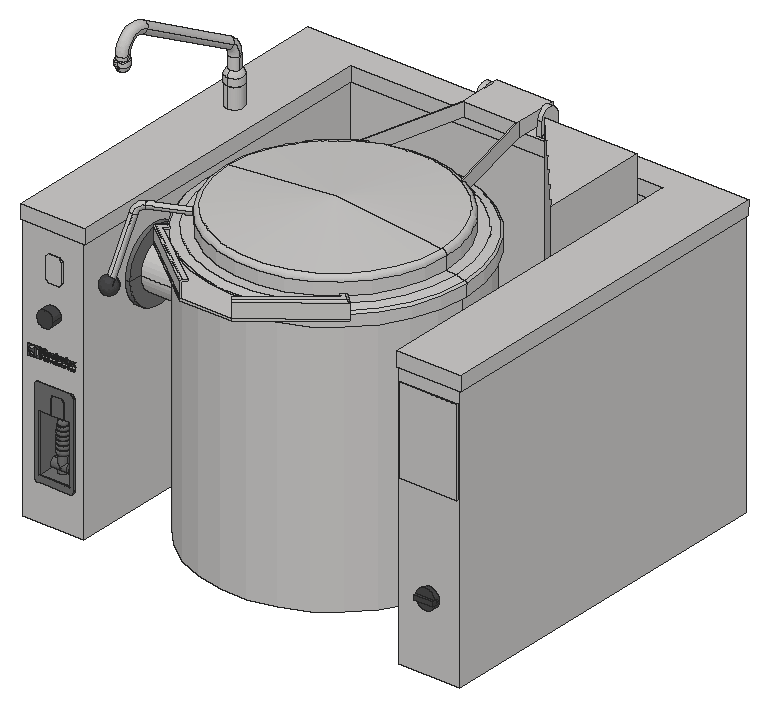
Revit family "QF_ELECTROLUXPROFESSIONAL_586914_PBOT06GCCS", category Specialty Equipment, Revit 2018
Family settings
  Round Connector Dimension = Use Radius
  Part Type = Normal
  Work Plane-Based = No
  Always vertical = Yes
  Cut with Voids When Loaded = No
  Shared = Yes
  Room Calculation Point = No
Parameters (values of type "Standard")
  Weight = 170.00 kg
  Watts = 0 W
  Volts = 230 V
  URL Manufacturer = "http://professional.electrolux.com"
  URL = "http://professional.electrolux.com"
  Tilt Clearance [instance] = 1073 mm
  Steam Supply Size = 0"
  Steam Supply Minimum Pressure = 0.00 psi
  Steam Supply Maximum Pressure = 0.00 psi
  Steam Pounds per Hour = 0
  Show Logo [instance] = yes
  Refrigeration Suction Line Size = 0"
  Refrigeration Liquid Line Size = 0"
  Refrigerant Compressor Remote = yes
  Plinth Base Finish [instance] = QF_Finishes_Concrete
  Plinth Base [instance] = not(Base Height = 500 mm)  # yes
  Phase = 1
  Length Actual = 1100 mm  # constant formula
  Item Number = "586914"
  Hot Water Size = 1/2"
  Height Actual = 700 mm  # constant formula
  HP = "0.3 HP"
  Gas Size = 1"
  Gas KW = 15
  Gas Input Pressure = 0.542067 Btu/h
  Direct Waste Size = 0"
  Depth Actual = 900 mm  # constant formula
  Cycle = 50 Hz
  Condensate Return Size = 0"
  Compressed Air Volume = 0 GPM
  Compressed Air Size = 0"
  Compressed Air Pressure = 0.00 psi
  Cold Water Size = 1/2"
  Assembly Code = ""
  Open Clearance [instance] = 856 mm  # constant formula
  Model = "PBOT06GCCS"
  Manufacturer = "Electrolux Professional"
  Description = "GAS BOILING PAN,TILTING,AUTO H/C WATER FILL INLET,SPRAY GUN, 60L,H700,FS,D900,REAR CLS KIT,GUID.COOK.S"
  Bracket [instance] = Base Height = 500 mm  # no
  Body Finish [instance] = QF_Finishes_Stainless Steel
  Base Height = 200 mm
  Show Clearance [instance] = yes
  Accessory = yes
Reference planes
  plane 1 "BACK": y = 100
  plane 2: z = 0
  plane 3 "LEFT": x = 0
  plane 4 "RIGHT": x = 1100
  plane 5 "FRONT": y = -800
  plane 6 "TOP": z = 900
  plane 7: z = 200
  plane 8 "Center": x = 550
  plane 9: z = 1756
  plane 10: y = -908
  plane 11 "Vessel X axis": y = -503
  plane 12: x = 260.5
  plane 13: y = -580
  plane 14: x = 260.5
  plane 15: through (0, 114.006, 947.95) normal (0, 0.281, -0.9597)
  plane 16: z = 515
  plane 17 "Top Level": z = 981
  plane 18: y = -973
  plane 19: z = 981.311
  plane 20: z = 227.005
Forms (mm)
  Extrusion 1, solid, material "QF_Finishes_Stainless Steel" <- "Body Finish"
    sketch origin (0, 0, 900) x (-1, 0, 0) y (0, -1, 0)
      loop
        line (0, -100) -> (0, 800) -> (-160, 800) -> (-160, -31.55) -> (-940, -31.55) -> (-940, 800) -> (-1100, 800) -> (-1100, -100) -> (0, -100)
    from -35 to 0
  Extrusion 2, solid, material "QF_Finishes_Stainless Steel" <- "Body Finish"
    sketch origin (0, 0, 900) x (-1, 0, 0) y (0, -1, 0)
      loop
        line (-485, 908) -> (-615, 908) -> (-794.973, 765.434) -> (-773.744, 744.205)
        arc (-773.744, 744.205) -> (-550, 832) -> (-326.256, 744.205) r 329
        line (-326.256, 744.205) -> (-305.027, 765.434) -> (-485, 908)
    from 1.223 to 5.898
  Revolve 3, solid, material "QF_Finishes_Stainless Steel" <- "Body Finish"
    sketch origin (0, 50.89, 727.5) x (-1, 0, 0) y (0, -1, 0)
      loop
        line (-170, 573.89) -> (-170, 540.89) -> (-157, 540.89) -> (-157, 630.89) -> (-943, 630.89) -> (-943, 540.89) -> (-930, 540.89) -> (-930, 573.89) -> (-170, 573.89)
      axis (-943, 630.89) -> (-157, 630.89)
    angle from 0 to 360
  Extrusion 4, solid, material "QF_Finishes_Stainless Steel" <- "Body Finish"
    sketch origin (0, 100, 0) x (1, 0, 0) y (0, 0, 1)
      loop
        circle (1020, 450) r 10
    from 3 to 0
  Extrusion 5, solid, material "QF_Finishes_Stainless Steel" <- "Body Finish"
    sketch origin (550, 0, 0) x (0, 1, 0) y (0, 0, 1)
      loop
        line (89, 900) -> (89, 935.1)
        arc (89, 935.1) -> (65, 959.1) -> (41, 935.1) r 24
        line (41, 935.1) -> (41, 900) -> (89, 900)
    from 69.2 to 82.1
  Revolve 6, solid, material "QF_Finishes_Stainless Steel" <- "Body Finish"
    sketch origin (0, -503, 0) x (-1, 0, 0) y (0, 0, 1)
      loop
        line (-550, 981) -> (-550, 912.336) -> (-272.499, 912.336) -> (-272.499, 943.013)
        arc (-272.499, 943.013) -> (-275.825, 951.663) -> (-284.089, 955.857) r 12.912
        arc (-284.089, 955.857) -> (-416.684, 972.243) -> (-550, 981) r 2329.251
      axis (-550, 981) -> (-550, 912.336)
    angle from 0 to 360
  Sweep 7, solid, material "QF_Finishes_Stainless Steel" <- "Body Finish"
    path in 3D
      loop
        line (615, -908, 905.898) -> (794.973, -765.434, 905.898) -> (773.744, -744.205, 905.898)
    profile origin (704.986, -836.717, 905.898) x (-0.620938, 0.78386, 0) y (0, 0, 1)
      loop
        line (0, 0) -> (2.5, 0) -> (2.5, 35.781)
        arc (2.5, 35.781) -> (3.003, 36.997) -> (4.219, 37.5) r 1.719
        line (4.219, 37.5) -> (15.312, 37.5) -> (15.312, 40) -> (4.052, 40)
        arc (4.052, 40) -> (1.187, 38.813) -> (0, 35.948) r 4.052
        line (0, 35.948) -> (0, 0)
  Extrusion 8, solid, material "QF_Finishes_Stainless Steel" <- "Body Finish"
    sketch origin (0, 100, 0) x (1, 0, 0) y (0, 0, 1)
      loop
        line (157, 865) -> (157, 500) -> (943, 500) -> (943, 865) -> (157, 865)
    from 3 to 65.418
  Extrusion 9, solid, material "QF_Finishes_Stainless Steel" <- "Body Finish"
    sketch origin (550, 0, 0) x (0, 1, 0) y (0, 0, 1)
      loop
        line (89, 900) -> (89, 935.1)
        arc (89, 935.1) -> (65, 959.1) -> (41, 935.1) r 24
        line (41, 935.1) -> (41, 900) -> (89, 900)
    from -82.1 to -69.2
  Extrusion 10, solid, material "QF_Finishes_Stainless Steel" <- "Body Finish"
    sketch origin (600, -4572, 981) x (0, -1, 0) y (-1, 0, 0)
      loop
        line (-4551, 114.871) -> (-4295.558, 177.227) -> (-4289.255, 182.754) -> (-4555.565, 119.2) -> (-4661, 119.2) -> (-4661, -19.2) -> (-4555.565, -19.2) -> (-4289.255, -82.754) -> (-4295.558, -77.227) -> (-4551, -14.871) -> (-4551, 114.871)
    from 25.143 to 59.002
  Sweep 11, solid, material "QF_Finishes_Stainless Steel" <- "Body Finish"
    path in 3D
      loop
        line (326.256, -744.205, 905.898) -> (305.027, -765.434, 905.898) -> (485, -908, 905.898)
    profile origin (395.014, -836.717, 905.898) x (0.620938, 0.78386, 0) y (0, 0, 1)
      loop
        line (0, 0) -> (2.5, 0) -> (2.5, 35.781)
        arc (2.5, 35.781) -> (3.003, 36.997) -> (4.219, 37.5) r 1.719
        line (4.219, 37.5) -> (15.312, 37.5) -> (15.312, 40) -> (4.052, 40)
        arc (4.052, 40) -> (1.187, 38.813) -> (0, 35.948) r 4.052
        line (0, 35.948) -> (0, 0)
  Extrusion 12, solid, material "QF_Finishes_Stainless Steel" <- "Body Finish"
    sketch origin (0, 0, 900) x (-1, 0, 0) y (0, -1, 0)
      loop
        arc (-658.472, -55.346) -> (-664.2, -65) -> (-658.472, -74.654) r 11
        line (-658.472, -74.654) -> (-632.1, -89.055) -> (-632.1, -40.945) -> (-658.472, -55.346)
      loop
        line (-441.528, -55.346) -> (-467.9, -40.945) -> (-467.9, -89.055) -> (-441.528, -74.654)
        arc (-441.528, -74.654) -> (-435.8, -65) -> (-441.528, -55.346) r 11
    from 0 to 8
  Revolve 13, solid, material "QF_Finishes_Stainless Steel" <- "Body Finish"
    sketch origin (0, -503, 0) x (-1, 0, 0) y (0, 0, 1)
      loop
        line (-550, 910.898) -> (-550, 227.005) -> (-230.95, 227.005) -> (-230.95, 870.866) -> (-221, 870.866) -> (-221, 899.23) -> (-225.382, 905.093) -> (-246.228, 910.898) -> (-550, 910.898)
      axis (-550, 910.898) -> (-550, 227.005)
    angle from 0 to 360
  Extrusion 14, solid, material "QF_Finishes_Stainless Steel" <- "Body Finish"
    sketch origin (1100, -797, 0) x (-1, 0, 0) y (0, 0, -1)
      loop
        line (150, -833.989) -> (150, -618.989) -> (8.465, -618.989) -> (8.465, -833.989) -> (150, -833.989)
      loop
        line (1029.661, -812.084) -> (1036.975, -804.77) -> (1036.975, -754.399) -> (1029.661, -747.084) -> (1004.29, -747.084) -> (996.975, -754.399) -> (996.975, -804.77) -> (1004.29, -812.084) -> (1029.661, -812.084)
    from 0 to 3
  Extrusion 15, solid, material "QF_Finishes_Black"
    sketch origin (1200, -797, -30) x (-1, 0, 0) y (0, 0, -1)
      loop
        circle (180.286, -405.28) r 25
    from 0 to 10.306
  Extrusion 16, solid, material "QF_Finishes_Black"
    sketch origin (1200, -797, -30) x (-1, 0, 0) y (0, 0, -1)
      loop
        arc (204.667, -410.806) -> (205.286, -405.28) -> (204.667, -399.753) r 25
        line (204.667, -399.753) -> (155.904, -399.753)
        arc (155.904, -399.753) -> (155.286, -405.28) -> (155.904, -410.806) r 25
        line (155.904, -410.806) -> (204.667, -410.806)
    from 0 to 18.276
  Extrusion 17, solid, material "QF_Finishes_Black"
    sketch origin (160, -797, 0) x (-1, 0, 0) y (0, 0, -1)
      loop
        circle (80.781, -678.5) r 20
    from 0 to 25
  Extrusion 18, solid, material "QF_Finishes_Stainless Steel" <- "Body Finish", visible <- "Bracket"
    sketch origin (0, 37, -14) x (0, 1, 0) y (0, 0, 1)
      loop
        line (60, 514) -> (-140, 514) -> (-140, 400) -> (-76.36, 336.36) -> (60, 336.36) -> (60, 514)
    from 25.741 to 134.773
  Extrusion 19, solid, material "QF_Finishes_Stainless Steel" <- "Body Finish", visible <- "Bracket"
    sketch origin (1100, 0, 0) x (0, 1, 0) y (0, 0, 1)
      loop
        line (97, 322.36) -> (97, 500) -> (-103, 500) -> (-103, 386) -> (-39.36, 322.36) -> (97, 322.36)
    from -133.886 to -23.363
  Extrusion 20, solid, material "QF_Finishes_Stainless Steel" <- "Body Finish"
    sketch origin (0, 100, 0) x (1, 0, 0) y (0, 0, 1)
      loop
        circle (50, 395) r 6.35
      loop
        circle (110.571, 395) r 6.35
      loop
        circle (80.257, 345) r 12.7
    from 3 to 0
  Revolve 21, solid, material "QF_Finishes_Clearance", visible <- "Show Clearance", detail levels coarse
    sketch origin (550, 10.879, 0.726) x (0, 0.999996, 0.002845) y (0, -0.002845, 0.999996)
      loop
        line (-104.3, 1490.183) -> (-181.256, 1755.797) -> (-205.268, 1748.84) -> (-128.312, 1483.226) -> (-104.3, 1490.183)
      axis (-104.3, 1490.183) -> (-128.312, 1483.226)
    angle from 0 to 360
  Extrusion 22, solid, material "QF_Finishes_Stainless Steel" <- "Body Finish"
    sketch origin (0, -602.697, 0) x (1, 0, 0) y (0, 1, 0)
      loop
        line (916.007, 584.463) -> (686.007, 584.463) -> (916.007, 314.463) -> (916.007, 584.463)
    from 378.064 to 989.164
  Extrusion 23, solid, material "QF_Finishes_Stainless Steel" <- "Body Finish"
    sketch origin (-69.539, -630.792, 0) x (1, 0, 0) y (0, 1, 0)
      loop
        line (959.01, 373.71) -> (784.088, 579.053) -> (629.29, 431.408)
        arc (629.29, 431.408) -> (768.856, 392.333) -> (874.432, 293.04) r 303.772
        line (874.432, 293.04) -> (959.01, 373.71)
    from 383.064 to 403.064
  Extrusion 24, solid, material "QF_Finishes_Stainless Steel" <- "Body Finish"
    sketch origin (0, 0, 0) x (1, 0, 0) y (0, 1, 0)
      loop
        line (157, 97) -> (3, 97) -> (3, -797) -> (157, -797) -> (157, 97)
      loop
        line (1097, 97) -> (943, 97) -> (943, -797) -> (1097, -797) -> (1097, 97)
    from 200 to 865
  Extrusion 25, solid, material "Navy Blue", visible <- "Show Logo"
    sketch origin (160, -797, 0) x (-1, 0, 0) y (0, 0, -1)
      loop
        line (101.332, -593.18) -> (109.793, -593.18) -> (109.793, -583.327)
        arc (109.793, -583.327) -> (108.679, -580.639) -> (105.991, -579.525) r 3.802
        line (105.991, -579.525) -> (101.168, -579.525) -> (101.168, -581.736) -> (105.441, -581.736)
        arc (105.441, -581.736) -> (106.845, -582.21) -> (107.442, -583.566) r 1.838
        line (107.442, -583.566) -> (107.442, -585.52) -> (101.698, -585.52) -> (101.698, -587.738) -> (107.442, -587.738) -> (107.442, -590.968) -> (101.332, -590.968) -> (101.332, -593.18)
      loop
        line (99.498, -593.18) -> (99.498, -579.525) -> (97.146, -579.525) -> (97.146, -593.18) -> (99.498, -593.18)
      loop
        line (48.417, -593.18) -> (48.417, -579.525) -> (46.064, -579.525) -> (46.064, -593.18) -> (48.417, -593.18)
      loop
        line (93.257, -583.886) -> (85.539, -583.886)
        arc (85.539, -583.886) -> (86.746, -588.126) -> (90.874, -589.672) r 4.89
        arc (90.874, -589.672) -> (94.51, -587.828) -> (95.548, -583.886) r 4.976
        arc (95.548, -583.886) -> (94.182, -580.589) -> (90.886, -579.224) r 4.662
        arc (90.886, -579.224) -> (88.32, -579.602) -> (86.169, -581.05) r 5.86
        line (86.169, -581.05) -> (87.562, -582.444)
        arc (87.562, -582.444) -> (89.391, -581.347) -> (91.516, -581.531) r 3.458
        arc (91.516, -581.531) -> (92.812, -582.394) -> (93.257, -583.886) r 2.29
      loop
        line (93.198, -585.539) -> (87.902, -585.539)
        arc (87.902, -585.539) -> (88.645, -587.103) -> (90.278, -587.679) r 2.256
        arc (90.278, -587.679) -> (92.162, -587.188) -> (93.198, -585.539) r 2.64
      loop
        line (76.371, -586.524) -> (74.894, -588)
        arc (74.894, -588) -> (76.746, -589.341) -> (78.997, -589.742) r 5.117
        arc (78.997, -589.742) -> (82.429, -588.487) -> (84.231, -585.308) r 5.293
        arc (84.231, -585.308) -> (81.194, -579.733) -> (74.977, -581.018) r 5.33
        line (74.977, -581.018) -> (76.446, -582.487)
        arc (76.446, -582.487) -> (79.616, -581.438) -> (81.887, -583.886) r 3.088
        arc (81.887, -583.886) -> (81.729, -585.821) -> (80.396, -587.234) r 2.933
        arc (80.396, -587.234) -> (78.264, -587.559) -> (76.371, -586.524) r 3.369
      loop
        line (73.45, -593.18) -> (73.45, -583.849)
        arc (73.45, -583.849) -> (73.246, -582.449) -> (72.722, -581.135) r 6.031
        arc (72.722, -581.135) -> (71.044, -579.8) -> (68.918, -579.519) r 4.018
        line (68.918, -579.519) -> (68.918, -581.723)
        arc (68.918, -581.723) -> (69.55, -581.771) -> (70.139, -582.005) r 2.118
        arc (70.139, -582.005) -> (70.895, -582.804) -> (71.098, -583.886) r 1.949
        line (71.098, -583.886) -> (71.098, -587.265) -> (68.962, -587.265) -> (68.962, -589.401) -> (71.098, -589.401) -> (71.098, -593.18) -> (73.45, -593.18)
      loop
        arc (64.65, -584.717) -> (64.482, -585.701) -> (63.997, -586.574) r 2.967
        arc (63.997, -586.574) -> (62.588, -587.297) -> (61.004, -587.265) r 3.231
        line (61.004, -587.265) -> (61.004, -589.525)
        arc (61.004, -589.525) -> (63.073, -589.33) -> (64.65, -587.977) r 3.432
        line (64.65, -587.977) -> (64.65, -589.401) -> (66.983, -589.401) -> (66.983, -579.525) -> (64.65, -579.525) -> (64.65, -584.717)
      loop
        circle (55.254, -584.461) r 5.233
      loop
        circle (55.254, -584.461) r 3.172
      loop
        arc (37.582, -583.638) -> (38.162, -582.041) -> (39.738, -581.405) r 2.088
        arc (39.738, -581.405) -> (41.313, -582.041) -> (41.894, -583.638) r 2.088
        line (41.894, -583.638) -> (41.894, -589.401) -> (44.266, -589.401) -> (44.266, -583.442)
        arc (44.266, -583.442) -> (42.916, -580.365) -> (39.738, -579.275) r 4.181
        arc (39.738, -579.275) -> (36.524, -580.398) -> (35.211, -583.539) r 4.181
        line (35.211, -583.539) -> (35.211, -589.401) -> (37.582, -589.401) -> (37.582, -583.638)
      loop
        line (33.789, -589.401) -> (30.374, -584.764) -> (34.126, -579.522) -> (31.598, -579.522) -> (29.107, -583.001) -> (26.58, -579.522) -> (24.068, -579.522) -> (27.767, -584.817) -> (24.385, -589.401) -> (26.952, -589.401) -> (29.115, -586.469) -> (31.245, -589.401) -> (33.789, -589.401)
      loop
        line (108.47, -573.865) -> (110.346, -573.865) -> (110.346, -569.143) -> (109.319, -569.143) -> (109.319, -570.769) -> (108.185, -570.769)
        arc (108.185, -570.769) -> (106.916, -572.447) -> (108.47, -573.865) r 1.561
      loop
        arc (108.23, -571.697) -> (107.841, -572.304) -> (108.23, -572.911) r 0.668
        line (108.23, -572.911) -> (109.319, -572.911) -> (109.319, -571.697) -> (108.23, -571.697)
      loop
        line (101.061, -573.865) -> (102.968, -573.865) -> (102.968, -569.143) -> (101.942, -569.143) -> (101.942, -570.769) -> (100.949, -570.769) -> (100.27, -569.143) -> (99.168, -569.143) -> (100.097, -571.134)
        arc (100.097, -571.134) -> (99.652, -571.665) -> (99.502, -572.343) r 1.458
        arc (99.502, -572.343) -> (99.971, -573.421) -> (101.061, -573.865) r 1.559
      loop
        line (101.942, -572.911) -> (101.942, -571.697) -> (100.852, -571.697)
        arc (100.852, -571.697) -> (100.464, -572.304) -> (100.852, -572.911) r 0.668
        line (100.852, -572.911) -> (101.942, -572.911)
      loop
        circle (93.139, -571.504) r 2.453
      loop
        circle (93.139, -571.504) r 1.557
      loop
        line (86.655, -573.865) -> (86.655, -569.143) -> (85.654, -569.143) -> (85.654, -570.793) -> (83.876, -570.793) -> (83.876, -571.851) -> (85.654, -571.851) -> (85.654, -572.847) -> (83.706, -572.847) -> (83.706, -573.865) -> (86.655, -573.865)
      loop
        line (79.724, -573.865) -> (79.724, -570.677)
        arc (79.724, -570.677) -> (79.288, -569.596) -> (78.213, -569.146) r 1.51
        line (78.213, -569.146) -> (76.689, -569.146) -> (76.689, -570.038) -> (78.122, -570.038)
        arc (78.122, -570.038) -> (78.65, -570.475) -> (78.753, -571.151) r 0.961
        line (78.753, -571.151) -> (76.866, -571.151) -> (76.866, -572.043) -> (78.753, -572.043) -> (78.753, -572.973) -> (76.735, -572.973) -> (76.735, -573.865) -> (79.724, -573.865)
      loop
        arc (62.624, -573.267) -> (63.249, -573.78) -> (64.041, -573.943) r 1.69
        arc (64.041, -573.943) -> (64.773, -573.764) -> (65.374, -573.31) r 1.872
        arc (65.374, -573.31) -> (65.486, -572.238) -> (64.794, -571.411) r 1.385
        arc (64.794, -571.411) -> (64.212, -571.217) -> (63.66, -570.95) r 4.78
        arc (63.66, -570.95) -> (63.312, -570.539) -> (63.552, -570.057) r 0.489
        arc (63.552, -570.057) -> (63.998, -569.952) -> (64.442, -570.065) r 0.963
        arc (64.442, -570.065) -> (64.826, -570.341) -> (65.061, -570.752) r 1.118
        line (65.061, -570.752) -> (65.887, -570.367)
        arc (65.887, -570.367) -> (65.589, -569.793) -> (65.11, -569.36) r 1.815
        arc (65.11, -569.36) -> (64.566, -569.127) -> (63.978, -569.068) r 1.957
        arc (63.978, -569.068) -> (63.25, -569.213) -> (62.595, -569.561) r 2.556
        arc (62.595, -569.561) -> (62.305, -570.331) -> (62.455, -571.139) r 1.535
        arc (62.455, -571.139) -> (62.778, -571.512) -> (63.19, -571.781) r 1.779
        arc (63.19, -571.781) -> (63.712, -572.014) -> (64.248, -572.215) r 9.371
        arc (64.248, -572.215) -> (64.557, -572.696) -> (64.11, -573.053) r 0.427
        arc (64.11, -573.053) -> (63.575, -572.924) -> (63.163, -572.558) r 1.135
        line (63.163, -572.558) -> (62.624, -573.267)
      loop
        line (58.291, -573.865) -> (58.291, -569.146) -> (57.321, -569.146) -> (57.321, -573.865) -> (58.291, -573.865)
      loop
        circle (50.779, -571.506) r 1.468
      loop
        circle (50.779, -571.506) r 2.451
      loop
        line (44.27, -569.146) -> (43.289, -569.146) -> (43.289, -572.113) -> (41.131, -569.146) -> (40.187, -569.146) -> (40.187, -573.865) -> (41.168, -573.865) -> (41.168, -570.808) -> (43.326, -573.865) -> (44.27, -573.865) -> (44.27, -569.146)
      loop
        line (35.295, -569.146) -> (34.836, -570.164) -> (33.09, -570.164) -> (32.631, -569.146) -> (31.588, -569.146) -> (33.581, -573.865) -> (34.491, -573.865) -> (36.337, -569.146) -> (35.295, -569.146)
      loop
        line (33.526, -571.132) -> (33.993, -572.169) -> (34.447, -571.132) -> (33.526, -571.132)
      loop
        line (26.769, -570.038) -> (26.769, -573.865) -> (27.739, -573.865) -> (27.739, -569.146) -> (24.954, -569.146) -> (24.954, -570.038) -> (26.769, -570.038)
      loop
        arc (69.698, -573.267) -> (70.324, -573.78) -> (71.116, -573.943) r 1.69
        arc (71.116, -573.943) -> (71.847, -573.764) -> (72.449, -573.31) r 1.872
        arc (72.449, -573.31) -> (72.56, -572.238) -> (71.868, -571.411) r 1.385
        arc (71.868, -571.411) -> (71.287, -571.217) -> (70.735, -570.95) r 4.78
        arc (70.735, -570.95) -> (70.386, -570.539) -> (70.627, -570.057) r 0.489
        arc (70.627, -570.057) -> (71.073, -569.952) -> (71.517, -570.065) r 0.963
        arc (71.517, -570.065) -> (71.901, -570.341) -> (72.136, -570.752) r 1.118
        line (72.136, -570.752) -> (72.961, -570.367)
        arc (72.961, -570.367) -> (72.664, -569.793) -> (72.184, -569.36) r 1.815
        arc (72.184, -569.36) -> (71.64, -569.127) -> (71.052, -569.068) r 1.957
        arc (71.052, -569.068) -> (70.325, -569.213) -> (69.669, -569.561) r 2.556
        arc (69.669, -569.561) -> (69.38, -570.331) -> (69.529, -571.139) r 1.535
        arc (69.529, -571.139) -> (69.852, -571.512) -> (70.265, -571.781) r 1.779
        arc (70.265, -571.781) -> (70.787, -572.014) -> (71.322, -572.215) r 9.371
        arc (71.322, -572.215) -> (71.632, -572.696) -> (71.185, -573.053) r 0.427
        arc (71.185, -573.053) -> (70.649, -572.924) -> (70.238, -572.558) r 1.135
        line (70.238, -572.558) -> (69.698, -573.267)
      loop
        line (124.467, -593.367) -> (124.467, -568.534)
        arc (124.467, -568.534) -> (115.287, -580.95) -> (124.467, -593.367) r 12.987
      loop
        arc (125.423, -593.446) -> (135.891, -591.227) -> (141.022, -581.837) r 12.809
        line (141.022, -581.837) -> (135.422, -581.837)
        arc (135.422, -581.837) -> (128.84, -585.012) -> (125.423, -591.472) r 11.707
        line (125.423, -591.472) -> (125.423, -593.446)
      loop
        arc (125.73, -570.332) -> (129.585, -577.251) -> (136.925, -580.23) r 11.93
        line (136.925, -580.23) -> (141.033, -580.23)
        arc (141.033, -580.23) -> (136.066, -570.804) -> (125.73, -568.215) r 13.06
        line (125.73, -568.215) -> (125.73, -570.332)
      loop
        line (141.976, -594.722) -> (141.976, -567.122) -> (114.339, -567.122) -> (114.339, -594.722) -> (141.976, -594.722)
    from 0 to 0.697
  Extrusion 26, void
    sketch origin (0, -800, 0) x (1, 0, 0) y (0, 0, 1)
      loop
        line (125.4, 500.944) -> (43.4, 500.944) -> (43.4, 305.944) -> (125.4, 305.944) -> (125.4, 500.944)
    from 0 to -63
Cuts and joins
  joined: Revolve 6, Extrusion 10
  Extrusion 26 cuts Extrusion 24
Lines and regions (mm)
  Split face 1
    outline origin (1100, -800, 0) x (-1, 0, 0) y (0, 0, -1)
      loop
        line (144.321, -826.533) -> (144.321, -691.533) -> (15.285, -691.533) -> (15.285, -826.533) -> (144.321, -826.533)
  Split face 2
    outline origin (1100, -800, 0) x (-1, 0, 0) y (0, 0, -1)
      loop
        line (144.321, -691.533) -> (144.321, -625.535) -> (15.285, -625.535) -> (15.285, -691.533) -> (144.321, -691.533)
  Split face 3
    outline origin (1100, -800, 0) x (-1, 0, 0) y (0, 0, -1)
      loop
        line (135.153, -818.972) -> (135.153, -698.972) -> (26.118, -698.972) -> (26.118, -818.972) -> (135.153, -818.972)
  Split face 4
    outline origin (1100, -800, 0) x (-1, 0, 0) y (0, 0, -1)
      loop
        line (1029.036, -812.084) -> (1036.35, -804.77) -> (1036.35, -754.399) -> (1029.036, -747.084) -> (1029.036, -812.084)
  Split face 5
    outline origin (-933.951, -800, 0) x (1, 0, 0) y (0, 0, 1)
      loop
        line (1029.036, 812.084) -> (1029.036, 747.084) -> (1036.35, 754.399) -> (1036.35, 804.77) -> (1029.036, 812.084)
  Split face 6
    outline origin (0, -602.697, 989.164) x (1, 0, 0) y (0, 1, 0)
      loop
        line (906.007, 574.463) -> (708.007, 574.463) -> (906.007, 342.463) -> (906.007, 574.463)
  sketch lines
    curve 1: line (615, -908, 905.898) -> (794.973, -765.434, 905.898)
    curve 2: line (794.973, -765.434, 905.898) -> (773.744, -744.205, 905.898)
    curve 3: line (305.027, -765.434, 905.898) -> (485, -908, 905.898)
    curve 4: line (326.256, -744.205, 905.898) -> (305.027, -765.434, 905.898)
  symbolic lines
    curve 5: line (170, -490, 0) -> (160, -490, 0)
    curve 6: line (170, -490, 0) -> (170, -670, 0)
    curve 7: line (170, -670, 0) -> (160, -670, 0)
    curve 8: line (930, -490, 0) -> (940, -490, 0)
    curve 9: line (930, -490, 0) -> (930, -670, 0)
    curve 10: line (930, -670, 0) -> (940, -670, 0)
    curve 11: line (930, -523.539, 0) -> (878.358, -523.539, 0)
    curve 12: line (930, -636.461, 0) -> (850.714, -636.461, 0)
    curve 13: line (170, -523.539, 0) -> (221.642, -523.539, 0)
    curve 14: line (170, -636.461, 0) -> (249.286, -636.461, 0)
    curve 15: line (160, -800, 0) -> (160, 31.55, 0)
    curve 16: line (0, -800, 0) -> (160, -800, 0)
    curve 17: line (0, 100, 0) -> (0, -800, 0)
    curve 18: line (160, 31.55, 0) -> (480.8, 31.55, 0)
    curve 19: line (1100, 100, 0) -> (0, 100, 0)
    curve 20: line (940, 31.55, 0) -> (940, -800, 0)
    curve 21: line (1100, -800, 0) -> (1100, 100, 0)
    curve 22: line (940, -800, 0) -> (1100, -800, 0)
    curve 23: circle (550, -503, 0) r 329 normal (0, 0, 1)
    curve 24: line (619.2, 31.55, 0) -> (940, 31.55, 0)
    curve 25: line (494.508, -895.997, 0) -> (328.011, -764.105, 0)
    curve 26: line (328.011, -764.105, 0) -> (337.744, -754.373, 0)
    curve 27: line (485, -908, 0) -> (494.508, -895.997, 0)
    curve 28: line (615, -908, 0) -> (605.492, -895.997, 0)
    curve 29: line (771.989, -764.105, 0) -> (605.492, -895.997, 0)
    curve 30: line (762.256, -754.373, 0) -> (771.989, -764.105, 0)
    curve 32: line (916.007, -18.234, 0) -> (686.007, -18.234, 0)
    curve 33: line (916.007, -288.233, 0) -> (916.007, -18.234, 0)
    curve 34: line (686.007, -18.234, 0) -> (916.007, -288.233, 0)
    curve 35: line (906.007, -28.234, 0) -> (708.007, -28.234, 0)
    curve 36: line (708.007, -28.234, 0) -> (906.007, -260.233, 0)
    curve 37: line (906.007, -260.233, 0) -> (906.007, -28.234, 0)
    curve 45: line (823.446, -320.057, 0) -> (889.471, -257.082, 0)
    curve 46: line (714.549, -51.739, 0) -> (584.468, -175.81, 0)
  model lines, style "QF-Clearances", visible <- "Show Clearance", detail levels coarse
    curve 31: arc (550, -908, 954.089) -> (550, -972.089, 650.892) -> (550, -800, 393.169) r 399.291
  symbolic lines, style "QF-Clearances", visible <- "Show Clearance", detail levels coarse
    curve 38: line (800, -450, 0) -> (800, -1650, 0)
    curve 39: line (300, -450, 0) -> (300, -1650, 0)
    curve 40: line (800, -1650, 0) -> (300, -1650, 0)
    curve 41: line (800, -450, 0) -> (300, -450, 0)
    curve 42: line (800, -1069.158, 0) -> (600, -1650, 0)
    curve 43: circle (550, -1600, 0) r 25 normal (0, 0, 1)
    curve 44: line (300, -1069.158, 0) -> (500, -1650, 0)
Dimensions and locks
  plane 3 "LEFT" to plane 4 "RIGHT" = 1100 mm
  plane 4 "RIGHT" to plane 3 "LEFT" = 1100 mm
  plane 1 "BACK" to plane 5 "FRONT" = 900 mm
  plane 5 "FRONT" to plane 1 "BACK" = 900 mm
  "Base Height": plane 7 to level
  equal spacing: plane 3 "LEFT", plane 8 "Center", plane 4 "RIGHT"
  "Open Clearance": plane 9 to plane 6 "TOP"
  locked: Extrusion 8 sketch curve to Extrusion 8 sketch curve at 365
  plane 4 "RIGHT" to Extrusion 4 sketch curve = 80 mm
  locked: Extrusion 2 sketch curve to Extrusion 2 sketch curve at 30.022  (x2)
  equal spacing: Extrusion 10 sketch curve, plane 8 "Center", Extrusion 10 sketch curve
  locked: Extrusion 10 sketch curve to Extrusion 10 sketch curve at 138.4
  Extrusion 10 sketch curve to Extrusion 10 sketch curve to plane 1 "BACK" = 110 mm locked, 11 mm locked
  plane 11 "Vessel X axis" to Revolve 3 sketch curve = 77 mm
  Revolve 3 sketch curve to Revolve 3 sketch curve to Revolve 3 sketch curve to Revolve 3 sketch curve = 33 mm locked, 57 mm locked, 0 mm locked
  plane 11 "Vessel X axis" to plane 13 = 77 mm
  equal spacing: curve 5, plane 13, curve 7
  locked: curve 5 to curve 7 at 180
  equal spacing: curve 11, plane 13, curve 12
  locked: curve 11 to curve 12 at 112.922
  plane 14 to plane 8 "Center" = 289.5 mm
  Revolve 13 sketch curve to Revolve 13 sketch curve to Revolve 13 sketch curve to Revolve 13 sketch curve to plane 14 = 4.382 mm locked, 5.568 mm locked, 15.278 mm locked, 14.272 mm locked
  plane 12 to plane 8 "Center" = 289.5 mm
  Revolve 6 sketch curve to Revolve 6 sketch curve to plane 12 = 11.59 mm locked, 11.999 mm locked
  Extrusion 16 sketch curve to Extrusion 16 sketch curve = 11.053 mm
  Extrusion 19 sketch curve to Extrusion 19 sketch curve to Extrusion 19 sketch curve = 114 mm locked, 63.64 mm locked
  plane 6 "TOP" to Extrusion 14 sketch curve to Extrusion 14 sketch curve = 66.011 mm locked, 215 mm locked
  plane 6 "TOP" to Extrusion 14 sketch curve to Extrusion 14 sketch curve to Extrusion 14 sketch curve to Extrusion 14 sketch curve = 87.916 mm locked, 7.315 mm locked, 50.371 mm, 7.315 mm locked
  plane 6 "TOP" to level = 900 mm
  locked: Extrusion 19 sketch curve to level at 322.36
  locked: Extrusion 15 sketch curve to level at 375.28
  locked: Extrusion 16 sketch curve to level at 369.753
  Extrusion 10 sketch curve to Extrusion 10 sketch curve to plane 11 "Vessel X axis" = 6.303 mm, 220.255 mm
  Extrusion 10 sketch curve to Extrusion 10 sketch curve to plane 11 "Vessel X axis" = 6.303 mm locked, 220.255 mm locked
  locked: Revolve 21 sketch curve to Revolve 21 sketch curve at 276.537
  locked: Extrusion 1 to Revolve 21 sketch curve at 23.726
  plane 11 "Vessel X axis" to plane 1 "BACK" = 603 mm
  plane 10 to plane 1 "BACK" = 1008 mm
  plane 17 "Top Level" to Revolve 6 sketch curve to Revolve 6 sketch curve to Revolve 6 sketch curve = 25.143 mm locked, 12.844 mm locked, 30.677 mm locked
  plane 17 "Top Level" to Revolve 13 sketch curve to Revolve 13 sketch curve to Revolve 13 sketch curve to Revolve 13 sketch curve = 70.102 mm locked, 5.805 mm locked, 5.863 mm locked, 28.364 mm locked
  plane 6 "TOP" to plane 16 = 385 mm
  plane 17 "Top Level" to nested 1 = 45.299 mm
  plane 17 "Top Level" to Extrusion 2 to Extrusion 2 = 75.102 mm locked, 4.675 mm locked
  plane 17 "Top Level" to plane 6 "TOP" = 81 mm
  locked: Extrusion 5 sketch curve to plane 17 "Top Level" at 45.9
  locked: Extrusion 9 sketch curve to plane 17 "Top Level" at 45.9
  plane 11 "Vessel X axis" to nested 1 = 289.5 mm
  "Tilt Clearance": plane 18 to plane 1 "BACK"
  locked: curve 31 to plane 17 "Top Level" at 26.911
  locked: Revolve 13 sketch curve to level at 227.005
  Extrusion 22 sketch curve to Extrusion 22 sketch curve to plane 4 "RIGHT" = 230 mm locked, 183.993 mm locked
  Extrusion 18 sketch curve to Extrusion 18 sketch curve to Extrusion 18 sketch curve to level = 114 mm locked, 63.64 mm locked, 322.36 mm locked
  locked: Extrusion 4 sketch curve to level at 450
  locked: curve 39 to curve 38 at 500
  equal spacing: curve 39, plane 8 "Center", curve 38
  locked: plane 1 "BACK" to curve 40 at 1750
  locked: plane 1 "BACK" to curve 41 at 550
  locked: Extrusion 23 sketch curve to curve 34 at 40.857
  locked: curve 34 to Extrusion 23 sketch curve at 43.945
  Extrusion 23 sketch curve to curve 33 to Extrusion 23 sketch curve = 114.799 mm locked, 154.522 mm locked
  curve 34 to curve 45 to curve 33 = 40.857 mm locked, 154.522 mm locked
  curve 34 to curve 46 to curve 33 = 43.945 mm locked, 114.799 mm locked
  angle plane 9 to Revolve 21 sketch curve = 16.3208°
  aligned and locked: level to plane 2
  aligned and locked: Extrusion 8 to Extrusion 1
  aligned and locked: plane 10 to Extrusion 2 sketch curve
  aligned and locked: plane 8 "Center" to Revolve 6 sketch curve  (x2)
  aligned and locked: Revolve 3 sketch curve to Revolve 3 sketch curve
  aligned and locked: Revolve 3 to Revolve 3  (x2)
  aligned and locked: curve 15 to Extrusion 1
  aligned and locked: curve 6 to Revolve 3
  aligned and locked: curve 20 to Extrusion 1
  aligned and locked: curve 9 to Revolve 3
  aligned and locked: curve 12 to curve 14
  aligned and locked: curve 11 to curve 13
  aligned and locked: curve 5 to curve 8
  aligned and locked: curve 7 to curve 10
  aligned and locked: curve 23 to Revolve 13
  aligned and locked: Extrusion 2 sketch curve to Revolve 13
  aligned and locked: curve 25 to Sweep 11
  aligned and locked: curve 26 to Sweep 11
  aligned and locked: curve 27 to Sweep 11
  aligned and locked: curve 28 to Sweep 7
  aligned and locked: curve 29 to Sweep 7
  aligned and locked: curve 30 to Sweep 7
  aligned and locked: plane 17 "Top Level" to Revolve 6 sketch curve
  aligned and locked: plane 5 "FRONT" to curve 31
  aligned and locked: plane 10 to curve 31
  aligned and locked: curve 34 to Extrusion 22
  aligned and locked: curve 32 to Extrusion 22
  aligned and locked: curve 33 to Extrusion 22
  aligned and locked: curve 37 to Split face 6
  aligned and locked: curve 35 to Split face 6
  aligned and locked: curve 36 to Split face 6
  aligned and locked: Extrusion 23 sketch curve to Revolve 13
  aligned and locked: Extrusion 22 to Extrusion 23 sketch curve
Automatic sketch dimensions
  plane 1 "BACK" to curve 17 = 0 mm
  curve 17 to plane 3 "LEFT" = 0 mm
  plane 10 to curve 27 = 0 mm
  curve 43 to plane 8 "Center" = 0 mm
  plane 10 to curve 28 = 0 mm
  curve 21 to plane 4 "RIGHT" = 0 mm
  plane 5 "FRONT" to curve 22 = 0 mm
  plane 5 "FRONT" to curve 17 = 0 mm
  curve 44 to curve 43 = 50 mm
  plane 1 "BACK" to curve 15 = 68.45 mm
  curve 32 to curve 20 = 49.784 mm
  curve 18 to plane 8 "Center" = 69.2 mm
  curve 44 to plane 8 "Center" = 50 mm
  plane 8 "Center" to curve 42 = 50 mm
  plane 8 "Center" to curve 24 = 69.2 mm
  plane 18 to curve 42 = 96.158 mm
  plane 18 to curve 44 = 96.158 mm
  curve 31 to plane 13 = 0 mm
  curve 31 to plane 6 "TOP" = 173.615 mm
  Extrusion 1 sketch curve to plane 4 "RIGHT" = 0 mm
  plane 5 "FRONT" to Extrusion 1 sketch curve = 0 mm  (x2)
  Extrusion 1 sketch curve to plane 3 "LEFT" = 0 mm
  plane 1 "BACK" to Extrusion 1 sketch curve = 0 mm
  Extrusion 1 sketch curve to plane 4 "RIGHT" = 160 mm
  plane 1 "BACK" to Extrusion 1 sketch curve = 68.45 mm
  plane 3 "LEFT" to Extrusion 1 sketch curve = 160 mm
  plane 8 "Center" to Extrusion 2 sketch curve = 65 mm
  Extrusion 2 sketch curve to plane 5 "FRONT" = 55.795 mm  (x2)
  Extrusion 2 sketch curve to plane 5 "FRONT" = 34.566 mm  (x2)
  Extrusion 2 sketch curve to plane 8 "Center" = 65 mm
  Revolve 3 sketch curve to plane 4 "RIGHT" = 157 mm
  Revolve 3 sketch curve to Revolve 3 sketch curve = 13 mm  (x2)
  plane 3 "LEFT" to Revolve 3 sketch curve = 170 mm
  Revolve 3 sketch curve to Revolve 3 sketch curve = 3 mm
  Revolve 3 sketch curve to Revolve 3 sketch curve = 27 mm
  Extrusion 5 sketch curve to plane 6 "TOP" = 0 mm
  plane 1 "BACK" to Extrusion 5 sketch curve = 59 mm
  Extrusion 5 sketch curve to Extrusion 5 sketch curve = 24 mm
  plane 8 "Center" to Revolve 6 sketch curve = 85.945 mm
  Revolve 6 sketch curve to plane 20 = 81.51 mm
  Revolve 6 sketch curve to plane 6 "TOP" = 21.485 mm
  Sweep 7 sketch curve to profile plane = 0 mm
  profile plane to Sweep 7 sketch curve = 0 mm
  Sweep 7 sketch curve to profile plane = 2.5 mm
  Sweep 7 sketch curve to profile plane = 4.052 mm
  Sweep 7 sketch curve to Sweep 7 sketch curve = 0.167 mm  (x2)
  Sweep 7 sketch curve to Sweep 7 sketch curve = 11.093 mm
  profile plane to Sweep 7 sketch curve = 35.781 mm
  plane 3 "LEFT" to Extrusion 8 sketch curve = 157 mm
  Extrusion 8 sketch curve to plane 4 "RIGHT" = 157 mm
  Extrusion 8 sketch curve to plane 20 = 272.995 mm
  Extrusion 9 sketch curve to plane 6 "TOP" = 0 mm
  plane 1 "BACK" to Extrusion 9 sketch curve = 59 mm
  Extrusion 9 sketch curve to Extrusion 9 sketch curve = 24 mm
  Extrusion 10 sketch curve to Extrusion 10 sketch curve = 4.565 mm  (x2)
  Extrusion 10 sketch curve to plane 8 "Center" = 127.227 mm
  Extrusion 10 sketch curve to Extrusion 10 sketch curve = 5.527 mm  (x2)
  Extrusion 10 sketch curve to Extrusion 10 sketch curve = 4.329 mm  (x2)
  plane 8 "Center" to Extrusion 10 sketch curve = 127.227 mm
  Sweep 11 sketch curve to profile plane = 0 mm  (x2)
  Sweep 11 sketch curve to Sweep 11 sketch curve = 2.5 mm
  Sweep 11 sketch curve to profile plane = 4.052 mm
  Sweep 11 sketch curve to Sweep 11 sketch curve = 0.167 mm  (x2)
  Sweep 11 sketch curve to Sweep 11 sketch curve = 11.093 mm
  profile plane to Sweep 11 sketch curve = 35.781 mm
  plane 1 "BACK" to Extrusion 12 sketch curve = 44.654 mm  (x2)
  plane 8 "Center" to Extrusion 12 sketch curve = 108.472 mm
  plane 1 "BACK" to Extrusion 12 sketch curve = 25.346 mm  (x2)
  Extrusion 12 sketch curve to Extrusion 12 sketch curve = 0 mm
  Extrusion 12 sketch curve to Extrusion 12 sketch curve = 5.272 mm  (x3)
  Extrusion 12 sketch curve to Extrusion 12 sketch curve = 26.372 mm
  plane 1 "BACK" to Extrusion 12 sketch curve = 10.945 mm  (x2)
  Extrusion 12 sketch curve to plane 8 "Center" = 82.1 mm
  Extrusion 12 sketch curve to Extrusion 12 sketch curve = 21.1 mm
  Extrusion 12 sketch curve to Extrusion 12 sketch curve = 14.4 mm  (x2)
  Revolve 13 sketch curve to plane 8 "Center" = 0 mm  (x2)
  Revolve 13 sketch curve to plane 20 = 74.007 mm
  Revolve 13 sketch curve to Revolve 13 sketch curve = 35 mm
  Extrusion 14 sketch curve to plane 4 "RIGHT" = 8.465 mm
  Extrusion 14 sketch curve to Extrusion 14 sketch curve = 141.535 mm
  plane 3 "LEFT" to Extrusion 14 sketch curve = 103.025 mm
  Extrusion 14 sketch curve to Extrusion 14 sketch curve = 7.315 mm  (x5)
  Extrusion 14 sketch curve to Extrusion 14 sketch curve = 25.371 mm  (x2)
  Split face 1 sketch curve to Extrusion 14 = 6.821 mm
  Split face 1 sketch curve to Extrusion 14 = 5.679 mm
  Split face 1 sketch curve to Extrusion 14 = 7.456 mm
  Extrusion 14 to Split face 1 sketch curve = 55.552 mm
  Split face 2 sketch curve to Extrusion 14 = 6.821 mm
  Split face 2 sketch curve to Extrusion 14 = 5.679 mm
  Extrusion 14 to Split face 2 sketch curve = 55.552 mm
  Split face 2 sketch curve to Extrusion 14 = 6.547 mm
  Extrusion 14 to Split face 3 sketch curve = 6.887 mm
  Split face 3 sketch curve to Extrusion 14 = 17.653 mm
  Split face 3 sketch curve to Extrusion 14 = 14.847 mm
  Extrusion 14 to Split face 3 sketch curve = 48.113 mm
  Split face 4 sketch curve to Extrusion 14 = 0 mm  (x2)
  Split face 4 sketch curve to Extrusion 14 = 7.94 mm
  Split face 4 sketch curve to Extrusion 14 = 0.625 mm
  Split face 4 sketch curve to Extrusion 14 = 7.315 mm  (x2)
  Split face 5 sketch curve to Extrusion 14 = 0 mm  (x2)
  Split face 5 sketch curve to Extrusion 14 = 7.94 mm
  Split face 5 sketch curve to Extrusion 14 = 0.625 mm
  Split face 5 sketch curve to Extrusion 14 = 7.315 mm  (x2)
  Extrusion 15 sketch curve to plane 4 "RIGHT" = 80.286 mm
  Extrusion 16 sketch curve to Extrusion 16 sketch curve = 0 mm  (x3)
  Extrusion 16 sketch curve to plane 4 "RIGHT" = 55.904 mm
  Extrusion 16 sketch curve to Extrusion 16 sketch curve = 24.382 mm  (x2)
  plane 3 "LEFT" to Extrusion 17 sketch curve = 79.219 mm
  Extrusion 17 sketch curve to plane 6 "TOP" = 221.5 mm
  plane 1 "BACK" to Extrusion 18 sketch curve = 203 mm
  Extrusion 18 sketch curve to Extrusion 18 sketch curve = 63.64 mm
  plane 1 "BACK" to Extrusion 18 sketch curve = 3 mm
  plane 1 "BACK" to Extrusion 19 sketch curve = 203 mm
  Extrusion 19 sketch curve to Extrusion 19 sketch curve = 63.64 mm
  plane 1 "BACK" to Extrusion 19 sketch curve = 3 mm
  plane 3 "LEFT" to Extrusion 20 sketch curve = 50 mm
  Extrusion 20 sketch curve to Extrusion 20 sketch curve = 30.257 mm
  Extrusion 20 sketch curve to Extrusion 20 sketch curve = 30.314 mm
  Extrusion 20 sketch curve to plane 20 = 117.995 mm
  Extrusion 20 sketch curve to Extrusion 20 sketch curve = 50 mm  (x2)
  Revolve 21 sketch curve to plane 9 = 0 mm
  Revolve 21 sketch curve to Revolve 21 sketch curve = 24.012 mm
  Revolve 21 sketch curve to Revolve 21 sketch curve = 0 mm  (x4)
  plane 11 "Vessel X axis" to Extrusion 22 sketch curve = 214.767 mm
  plane 1 "BACK" to Extrusion 22 sketch curve = 118.234 mm
  Split face 6 sketch curve to Extrusion 22 = 10 mm  (x2)
  Split face 6 sketch curve to Extrusion 22 = 208 mm
  Split face 6 sketch curve to Split face 6 sketch curve = 232 mm
  plane 3 "LEFT" to Extrusion 24 sketch curve = 3 mm
  plane 1 "BACK" to Extrusion 24 sketch curve = 3 mm  (x2)
  Extrusion 24 sketch curve to Extrusion 24 sketch curve = 154 mm
  Extrusion 24 sketch curve to plane 4 "RIGHT" = 157 mm
  Extrusion 24 sketch curve to plane 4 "RIGHT" = 3 mm
  Extrusion 24 sketch curve to plane 5 "FRONT" = 3 mm  (x2)
  Extrusion 25 sketch curve to Extrusion 25 sketch curve = 0 mm  (x33)
  plane 3 "LEFT" to Extrusion 25 sketch curve = 135.932 mm
  Extrusion 25 sketch curve to Extrusion 25 sketch curve = 0.317 mm
  Extrusion 25 sketch curve to Extrusion 25 sketch curve = 0.886 mm
  Extrusion 25 sketch curve to Extrusion 25 sketch curve = 2.512 mm
  Extrusion 25 sketch curve to Extrusion 25 sketch curve = 1.815 mm
  Extrusion 25 sketch curve to Extrusion 25 sketch curve = 2.567 mm
  Extrusion 25 sketch curve to Extrusion 25 sketch curve = 0.97 mm  (x3)
  Extrusion 25 sketch curve to Extrusion 25 sketch curve = 0.815 mm  (x2)
  Extrusion 25 sketch curve to Extrusion 25 sketch curve = 1.341 mm
  Extrusion 25 sketch curve to Extrusion 25 sketch curve = 1.348 mm
  Extrusion 25 sketch curve to Extrusion 25 sketch curve = 1.259 mm
  Extrusion 25 sketch curve to Extrusion 25 sketch curve = 2.13 mm
  Extrusion 25 sketch curve to Extrusion 25 sketch curve = 3.849 mm
  Extrusion 25 sketch curve to Extrusion 25 sketch curve = 2.49 mm
  Extrusion 25 sketch curve to Extrusion 25 sketch curve = 1.043 mm
  Extrusion 25 sketch curve to Extrusion 25 sketch curve = 0.46 mm  (x2)
  Extrusion 25 sketch curve to Extrusion 25 sketch curve = 0.435 mm
  Extrusion 25 sketch curve to Extrusion 25 sketch curve = 0.055 mm  (x2)
  Extrusion 25 sketch curve to Extrusion 25 sketch curve = 2.544 mm
  Extrusion 25 sketch curve to Extrusion 25 sketch curve = 0.468 mm
  Extrusion 25 sketch curve to Extrusion 25 sketch curve = 2.528 mm
  Extrusion 25 sketch curve to Extrusion 25 sketch curve = 0.922 mm
  Extrusion 25 sketch curve to Extrusion 25 sketch curve = 0.91 mm
  Extrusion 25 sketch curve to Extrusion 25 sketch curve = 0.388 mm
  Extrusion 25 sketch curve to Extrusion 25 sketch curve = 1.422 mm
  Extrusion 25 sketch curve to Extrusion 25 sketch curve = 1.042 mm
  Extrusion 25 sketch curve to Extrusion 25 sketch curve = 2.371 mm
  Extrusion 25 sketch curve to Extrusion 25 sketch curve = 1.809 mm  (x2)
  Extrusion 25 sketch curve to Extrusion 25 sketch curve = 0.273 mm  (x2)
  Extrusion 25 sketch curve to Extrusion 25 sketch curve = 0.147 mm
  Extrusion 25 sketch curve to Extrusion 25 sketch curve = 5.696 mm
  Extrusion 25 sketch curve to Extrusion 25 sketch curve = 0.943 mm
  Extrusion 25 sketch curve to Extrusion 25 sketch curve = 0.037 mm  (x3)
  Extrusion 25 sketch curve to Extrusion 25 sketch curve = 2.122 mm
  Extrusion 25 sketch curve to Extrusion 25 sketch curve = 2.372 mm
  Extrusion 25 sketch curve to Extrusion 25 sketch curve = 0.944 mm
  Extrusion 25 sketch curve to Extrusion 25 sketch curve = 1.799 mm
  Extrusion 25 sketch curve to Extrusion 25 sketch curve = 2.353 mm
  Extrusion 25 sketch curve to Extrusion 25 sketch curve = 6.509 mm
  Extrusion 25 sketch curve to Extrusion 25 sketch curve = 6.836 mm
  Extrusion 25 sketch curve to Extrusion 25 sketch curve = 2.068 mm
  Extrusion 25 sketch curve to Extrusion 25 sketch curve = 5.751 mm
  Extrusion 25 sketch curve to Extrusion 25 sketch curve = 0.679 mm
  Extrusion 25 sketch curve to Extrusion 25 sketch curve = 0.728 mm
  Extrusion 25 sketch curve to Extrusion 25 sketch curve = 0.178 mm
  Extrusion 25 sketch curve to Extrusion 25 sketch curve = 4.332 mm
  Extrusion 25 sketch curve to Extrusion 25 sketch curve = 0.539 mm  (x2)
  Extrusion 25 sketch curve to Extrusion 25 sketch curve = 0.634 mm  (x2)
  Extrusion 25 sketch curve to Extrusion 25 sketch curve = 0.036 mm  (x2)
  Extrusion 25 sketch curve to Extrusion 25 sketch curve = 0.114 mm  (x2)
  Extrusion 25 sketch curve to Extrusion 25 sketch curve = 0.807 mm  (x2)
  Extrusion 25 sketch curve to Extrusion 25 sketch curve = 0.007 mm  (x2)
  Extrusion 25 sketch curve to Extrusion 25 sketch curve = 0.156 mm  (x2)
  Extrusion 25 sketch curve to Extrusion 25 sketch curve = 0.005 mm  (x2)
  Extrusion 25 sketch curve to Extrusion 25 sketch curve = 0.083 mm  (x2)
  Extrusion 25 sketch curve to Extrusion 25 sketch curve = 0.13 mm  (x3)
  Extrusion 25 sketch curve to Extrusion 25 sketch curve = 0.009 mm  (x2)
  Extrusion 25 sketch curve to Extrusion 25 sketch curve = 0.159 mm  (x2)
  Extrusion 25 sketch curve to Extrusion 25 sketch curve = 0.075 mm  (x2)
  Extrusion 25 sketch curve to Extrusion 25 sketch curve = 0.025 mm  (x2)
  Extrusion 25 sketch curve to Extrusion 25 sketch curve = 2.918 mm
  Extrusion 25 sketch curve to Extrusion 25 sketch curve = 2.789 mm
  Extrusion 25 sketch curve to Extrusion 25 sketch curve = 0.908 mm  (x2)
  Extrusion 25 sketch curve to Extrusion 25 sketch curve = 0.826 mm  (x2)
  Extrusion 25 sketch curve to Extrusion 25 sketch curve = 0.126 mm  (x2)
  Extrusion 25 sketch curve to Extrusion 25 sketch curve = 2.333 mm
  Extrusion 25 sketch curve to Extrusion 25 sketch curve = 1.257 mm  (x2)
  Extrusion 25 sketch curve to Extrusion 25 sketch curve = 2.771 mm
  Extrusion 25 sketch curve to Extrusion 25 sketch curve = 1.497 mm
  Extrusion 25 sketch curve to Extrusion 25 sketch curve = 1.979 mm
  Extrusion 25 sketch curve to Extrusion 25 sketch curve = 1.653 mm
  Extrusion 25 sketch curve to Extrusion 25 sketch curve = 0.085 mm
  Extrusion 25 sketch curve to Extrusion 25 sketch curve = 0.315 mm
  Extrusion 25 sketch curve to Extrusion 25 sketch curve = 3.811 mm
  Extrusion 25 sketch curve to Extrusion 25 sketch curve = 2.136 mm  (x2)
  Extrusion 25 sketch curve to Extrusion 25 sketch curve = 2.352 mm  (x2)
  Extrusion 25 sketch curve to Extrusion 25 sketch curve = 3.797 mm
  Extrusion 25 sketch curve to Extrusion 25 sketch curve = 1.528 mm
  Extrusion 25 sketch curve to Extrusion 25 sketch curve = 1.476 mm  (x2)
  Extrusion 25 sketch curve to Extrusion 25 sketch curve = 1.469 mm  (x2)
  Extrusion 25 sketch curve to Extrusion 25 sketch curve = 3.728 mm
  Extrusion 25 sketch curve to Extrusion 25 sketch curve = 0.046 mm
  Extrusion 25 sketch curve to Extrusion 25 sketch curve = 0.177 mm
  Extrusion 25 sketch curve to Extrusion 25 sketch curve = 0.947 mm
  Extrusion 25 sketch curve to Extrusion 25 sketch curve = 0.308 mm
  Extrusion 25 sketch curve to Extrusion 25 sketch curve = 0.091 mm
  Extrusion 25 sketch curve to Extrusion 25 sketch curve = 2.375 mm
  Extrusion 25 sketch curve to Extrusion 25 sketch curve = 0.94 mm
  Extrusion 25 sketch curve to Extrusion 25 sketch curve = 0.54 mm
  Extrusion 25 sketch curve to Extrusion 25 sketch curve = 0.102 mm
  Extrusion 25 sketch curve to Extrusion 25 sketch curve = 0.002 mm  (x4)
  Extrusion 25 sketch curve to Extrusion 25 sketch curve = 0.105 mm
  Extrusion 25 sketch curve to Extrusion 25 sketch curve = 0.097 mm
  Extrusion 25 sketch curve to Extrusion 25 sketch curve = 3.982 mm
  Extrusion 25 sketch curve to Extrusion 25 sketch curve = 0.17 mm
  Extrusion 25 sketch curve to Extrusion 25 sketch curve = 6.49 mm
  Extrusion 25 sketch curve to Extrusion 25 sketch curve = 1.777 mm
  Extrusion 25 sketch curve to Extrusion 25 sketch curve = 0.63 mm
  Extrusion 25 sketch curve to Extrusion 25 sketch curve = 1.001 mm
  Extrusion 25 sketch curve to Extrusion 25 sketch curve = 1.393 mm  (x2)
  Extrusion 25 sketch curve to Extrusion 25 sketch curve = 2.363 mm
  Extrusion 25 sketch curve to Extrusion 25 sketch curve = 2.253 mm
  Extrusion 25 sketch curve to Extrusion 25 sketch curve = 0.014 mm  (x3)
  Extrusion 25 sketch curve to Extrusion 25 sketch curve = 0.172 mm
  Extrusion 25 sketch curve to Extrusion 25 sketch curve = 0.096 mm
  Extrusion 25 sketch curve to Extrusion 25 sketch curve = 0.164 mm
  Extrusion 25 sketch curve to Extrusion 25 sketch curve = 0.298 mm
  Extrusion 25 sketch curve to Extrusion 25 sketch curve = 0.247 mm
  Extrusion 25 sketch curve to Extrusion 25 sketch curve = 0.084 mm
  Extrusion 25 sketch curve to Extrusion 25 sketch curve = 6.484 mm
  Extrusion 25 sketch curve to Extrusion 25 sketch curve = 2.596 mm
  Extrusion 25 sketch curve to Extrusion 25 sketch curve = 0.059 mm  (x2)
  Extrusion 25 sketch curve to Extrusion 25 sketch curve = 3.889 mm
  Extrusion 25 sketch curve to Extrusion 25 sketch curve = 6.029 mm
  Extrusion 25 sketch curve to Extrusion 25 sketch curve = 0.929 mm
  Extrusion 25 sketch curve to Extrusion 25 sketch curve = 1.102 mm
  Extrusion 25 sketch curve to Extrusion 25 sketch curve = 0.756 mm  (x2)
  Extrusion 25 sketch curve to Extrusion 25 sketch curve = 0.852 mm
  Extrusion 25 sketch curve to Extrusion 25 sketch curve = 0.108 mm
  Extrusion 25 sketch curve to Extrusion 25 sketch curve = 0.101 mm
  Extrusion 25 sketch curve to Extrusion 25 sketch curve = 0.072 mm
  Extrusion 25 sketch curve to Extrusion 25 sketch curve = 1.67 mm
  Extrusion 25 sketch curve to Extrusion 25 sketch curve = 1.834 mm
  Extrusion 25 sketch curve to Extrusion 25 sketch curve = 0.366 mm
  Extrusion 25 sketch curve to Extrusion 25 sketch curve = 0.993 mm
  Extrusion 25 sketch curve to Extrusion 25 sketch curve = 0.81 mm
  Extrusion 25 sketch curve to Extrusion 25 sketch curve = 1.026 mm  (x2)
  Extrusion 25 sketch curve to Extrusion 25 sketch curve = 4.272 mm
  Extrusion 25 sketch curve to Extrusion 25 sketch curve = 0.163 mm
  Extrusion 25 sketch curve to Extrusion 25 sketch curve = 0.551 mm
  Extrusion 25 sketch curve to Extrusion 25 sketch curve = 6.11 mm
  Extrusion 25 sketch curve to Extrusion 25 sketch curve = 1.451 mm
  Extrusion 25 sketch curve to Extrusion 25 sketch curve = 5.217 mm
  Extrusion 25 sketch curve to Extrusion 25 sketch curve = 0.045 mm  (x2)
  Extrusion 25 sketch curve to Extrusion 25 sketch curve = 0.241 mm
  Extrusion 25 sketch curve to Extrusion 25 sketch curve = 0.039 mm
  Extrusion 25 sketch curve to Extrusion 25 sketch curve = 1.134 mm
  Extrusion 25 sketch curve to Extrusion 25 sketch curve = 2.351 mm
  Extrusion 25 sketch curve to Extrusion 25 sketch curve = 3.993 mm
  Extrusion 25 sketch curve to Extrusion 25 sketch curve = 10.128 mm
  Extrusion 25 sketch curve to Extrusion 25 sketch curve = 0.956 mm
  Extrusion 25 sketch curve to Extrusion 25 sketch curve = 1.263 mm
  Extrusion 25 sketch curve to Extrusion 25 sketch curve = 2.577 mm
  Extrusion 25 sketch curve to Extrusion 25 sketch curve = 0.243 mm
  Extrusion 25 sketch curve to Extrusion 25 sketch curve = 0.031 mm
  Extrusion 25 sketch curve to Extrusion 25 sketch curve = 7.148 mm
  Extrusion 25 sketch curve to Extrusion 25 sketch curve = 1.502 mm
  Extrusion 25 sketch curve to Extrusion 25 sketch curve = 11.54 mm
  Extrusion 25 sketch curve to Extrusion 25 sketch curve = 11.758 mm
  Extrusion 25 sketch curve to Extrusion 25 sketch curve = 4.097 mm
  Extrusion 25 sketch curve to Extrusion 25 sketch curve = 0.011 mm
  Extrusion 25 sketch curve to Extrusion 25 sketch curve = 4.488 mm
  Extrusion 25 sketch curve to plane 6 "TOP" = 305.278 mm
  Extrusion 25 sketch curve to Extrusion 25 sketch curve = 1.276 mm
  Extrusion 25 sketch curve to Extrusion 25 sketch curve = 1.279 mm
  Extrusion 25 sketch curve to Extrusion 25 sketch curve = 0.08 mm
  Extrusion 25 sketch curve to Extrusion 25 sketch curve = 1.542 mm  (x3)
  Extrusion 25 sketch curve to Extrusion 25 sketch curve = 1.975 mm
  Extrusion 25 sketch curve to Extrusion 25 sketch curve = 2.212 mm
  Extrusion 25 sketch curve to Extrusion 25 sketch curve = 3.655 mm
  Extrusion 25 sketch curve to Extrusion 25 sketch curve = 3.779 mm
  Extrusion 25 sketch curve to Extrusion 25 sketch curve = 0.124 mm  (x2)
  Extrusion 25 sketch curve to Extrusion 25 sketch curve = 3.78 mm  (x2)
  Extrusion 25 sketch curve to Extrusion 25 sketch curve = 1.401 mm
  Extrusion 25 sketch curve to Extrusion 25 sketch curve = 1.424 mm
  Extrusion 25 sketch curve to Extrusion 25 sketch curve = 3.23 mm
  Extrusion 25 sketch curve to Extrusion 25 sketch curve = 2.137 mm
  Extrusion 25 sketch curve to Extrusion 25 sketch curve = 1.094 mm
  Extrusion 25 sketch curve to Extrusion 25 sketch curve = 2.932 mm
  Extrusion 25 sketch curve to Extrusion 25 sketch curve = 7.641 mm
  Extrusion 25 sketch curve to Extrusion 25 sketch curve = 2.218 mm
  Extrusion 25 sketch curve to Extrusion 25 sketch curve = 0.113 mm
  Extrusion 25 sketch curve to Extrusion 25 sketch curve = 0.36 mm
  Extrusion 25 sketch curve to Extrusion 25 sketch curve = 0.008 mm
  Extrusion 25 sketch curve to Extrusion 25 sketch curve = 1.652 mm
  Extrusion 25 sketch curve to Extrusion 25 sketch curve = 0.256 mm
  Extrusion 25 sketch curve to Extrusion 25 sketch curve = 1.705 mm
  Extrusion 25 sketch curve to Extrusion 25 sketch curve = 1.454 mm
  Extrusion 25 sketch curve to Extrusion 25 sketch curve = 0.095 mm
  Extrusion 25 sketch curve to Extrusion 25 sketch curve = 0.109 mm
  Extrusion 25 sketch curve to Extrusion 25 sketch curve = 1.893 mm
  Extrusion 25 sketch curve to Extrusion 25 sketch curve = 0.003 mm
  Extrusion 25 sketch curve to Extrusion 25 sketch curve = 2.803 mm
  Extrusion 25 sketch curve to Extrusion 25 sketch curve = 0.12 mm  (x3)
  Extrusion 25 sketch curve to Extrusion 25 sketch curve = 0.02 mm
  Extrusion 25 sketch curve to Extrusion 25 sketch curve = 0.188 mm
  Extrusion 25 sketch curve to Extrusion 25 sketch curve = 0.568 mm
  Extrusion 25 sketch curve to Extrusion 25 sketch curve = 0.707 mm
  Extrusion 25 sketch curve to Extrusion 25 sketch curve = 1.654 mm
  Extrusion 25 sketch curve to Extrusion 25 sketch curve = 3.379 mm
  Extrusion 25 sketch curve to Extrusion 25 sketch curve = 0.174 mm
  Extrusion 25 sketch curve to Extrusion 25 sketch curve = 0.146 mm  (x2)
  Extrusion 25 sketch curve to Extrusion 25 sketch curve = 5.763 mm
  Extrusion 25 sketch curve to Extrusion 25 sketch curve = 1.953 mm
  Extrusion 25 sketch curve to Extrusion 25 sketch curve = 0.099 mm
  Extrusion 25 sketch curve to Extrusion 25 sketch curve = 0.19 mm
  Extrusion 25 sketch curve to Extrusion 25 sketch curve = 0.196 mm
  Extrusion 25 sketch curve to Extrusion 25 sketch curve = 0.05 mm
  Extrusion 25 sketch curve to Extrusion 25 sketch curve = 0.239 mm
  Extrusion 25 sketch curve to Extrusion 25 sketch curve = 1.763 mm
  Extrusion 25 sketch curve to Extrusion 25 sketch curve = 1.754 mm
  Extrusion 25 sketch curve to Extrusion 25 sketch curve = 1.442 mm
  Extrusion 25 sketch curve to Extrusion 25 sketch curve = 0.282 mm
  Extrusion 25 sketch curve to Extrusion 25 sketch curve = 1.607 mm
  Extrusion 25 sketch curve to Extrusion 25 sketch curve = 2.197 mm
  Extrusion 25 sketch curve to Extrusion 25 sketch curve = 3.917 mm
  Extrusion 25 sketch curve to Extrusion 25 sketch curve = 3.479 mm
  Extrusion 25 sketch curve to Extrusion 25 sketch curve = 4.017 mm
  Extrusion 25 sketch curve to Extrusion 25 sketch curve = 0.006 mm
  Extrusion 25 sketch curve to Extrusion 25 sketch curve = 5.661 mm  (x3)
  Extrusion 25 sketch curve to Extrusion 25 sketch curve = 5.657 mm  (x2)
  Extrusion 25 sketch curve to Extrusion 25 sketch curve = 7.186 mm
  Extrusion 25 sketch curve to Extrusion 25 sketch curve = 0.598 mm
  Extrusion 25 sketch curve to Extrusion 25 sketch curve = 6.253 mm
  Extrusion 25 sketch curve to Extrusion 25 sketch curve = 0.891 mm
  Extrusion 25 sketch curve to Extrusion 25 sketch curve = 0.954 mm  (x2)
  Extrusion 25 sketch curve to Extrusion 25 sketch curve = 1.017 mm
  Extrusion 25 sketch curve to Extrusion 25 sketch curve = 0.624 mm  (x2)
  Extrusion 25 sketch curve to Extrusion 25 sketch curve = 0.016 mm  (x2)
  Extrusion 25 sketch curve to Extrusion 25 sketch curve = 0.709 mm  (x2)
  Extrusion 25 sketch curve to Extrusion 25 sketch curve = 0.602 mm
  Extrusion 25 sketch curve to Extrusion 25 sketch curve = 0.607 mm
  Extrusion 25 sketch curve to Extrusion 25 sketch curve = 0.372 mm  (x2)
  Extrusion 25 sketch curve to Extrusion 25 sketch curve = 1.696 mm
  Extrusion 25 sketch curve to Extrusion 25 sketch curve = 1.752 mm
  Extrusion 25 sketch curve to Extrusion 25 sketch curve = 0.182 mm  (x2)
  Extrusion 25 sketch curve to Extrusion 25 sketch curve = 0.93 mm
  Extrusion 25 sketch curve to Extrusion 25 sketch curve = 0.155 mm  (x2)
  Extrusion 25 sketch curve to Extrusion 25 sketch curve = 0.996 mm
